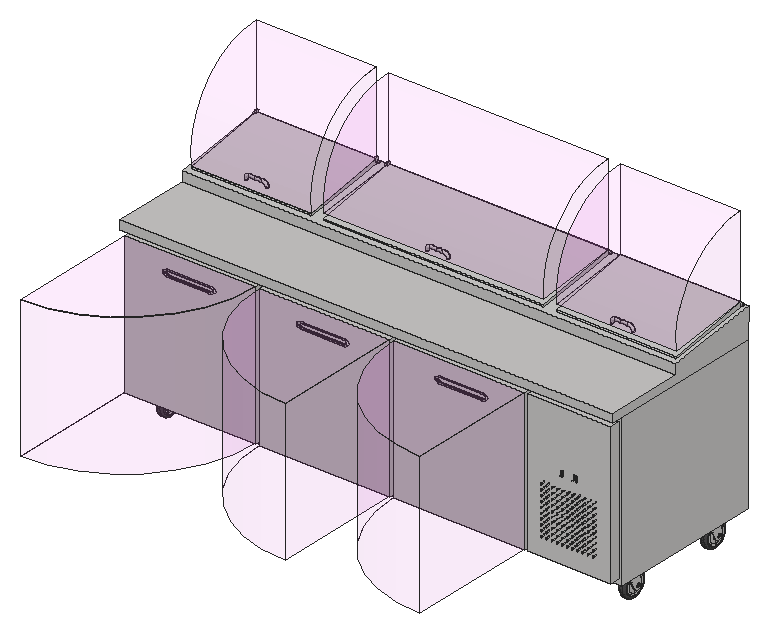
Revit family "QF_Kelvinator_738254_KCHPT92.12", category Specialty Equipment, Revit 2023
Family settings
  Round Connector Dimension = Use Diameter
  Part Type = Normal
  Work Plane-Based = No
  Enable Cutting in Views = No
  Always vertical = Yes
  Cut with Voids When Loaded = No
  Maintain Annotation Orientation = No
  Shared = No
  Room Calculation Point = No
Parameters
  Weight in Pounds = 350.535
  Weight = 210.00 lbm
  Watts = 0 W
  Volts = 115 V
  URL Manufacturer = "KELVINATOR"
  URL Cutsheet = ""
  URL = "KELVINATOR"
  Specification by User = ""
  Specification by Manufacturer = ""
  Serial Number = ""
  Seismic Rating = ""
  SMACNA No = ""
  Revision Code = ""
  Refrigerant Type = "R290"
  Phase = 1
  Number of Poles = 1
  NAFEM Spec ID Number = ""
  Model = "KCHPT92.12"
  Min Ckt Ampacity = 0 A
  Max Overcurrent Protection = 0 A
  Masterspec = ""
  Manufacturer = "Kelvinator"
  Length Actual = 2393"
  Length = 94 3/16"
  Item Number = "738254"
  Installed By = ""
  Identify Quantity as Lot = yes
  Height Actual = 1050"
  Height = 41 5/16"
  HP = "1.2 HP"
  Gas KW = 0
  Furnished By = ""
  Foodservice Equipment Identifier = yes
  FL Amps = 5.5 A
  Electrical Remarks = ""
  Electric Connection Type = ""
  Elec Conn RI Height = 0"
  Elec Conn Connection Height = 0"
  Description = "3-DOOR PIZZA PREP TABLE 94\" LONG 12-1/3 PAN "
  Depth Actual = 820"
  Depth = 32 5/16"
  Default Elevation = 0"
  Cycle = 60 Hz
  Conn Plug = "5-15P"
  Conn Conduit = yes
  CSI MasterFormat = ""
  Apparent Power = 0 VA
  Accessory = no
Reference planes (in)
  plane 1 "BACK": y = 0
  plane 2: z = 0
  plane 3 "LEFT": x = 0
  plane 4 "RIGHT": x = 94.1875
  plane 5 "FRONT": y = -32.3125
  plane 6 "TOP": z = 41.3125
  plane 7 "Center Y": x = 47.09375
  plane 8 "Center X": y = -16.15625
Dimensions and locks (in)
  equal spacing: plane 3 "LEFT", plane 7 "Center Y", plane 4 "RIGHT"
  "Length": plane 3 "LEFT" to plane 4 "RIGHT"
  equal spacing: plane 5 "FRONT", plane 8 "Center X", plane 1 "BACK"
  "Depth": plane 5 "FRONT" to plane 1 "BACK"
  "Height": plane 6 "TOP" to level
  aligned and locked: level to plane 2
Nested families (in)
  nested 1: "KCHPT" at (0, 0, 0), type "KCHPT"
    with Show Clearance yes
Connectors (in)
  electrical at (47.0875, -1.18418, 4.62235), driven by "Volts", driven by "Watts"
    settings: on nested 1, index 1, voltage 115 V, apparent load 0 VA, apparent load phase1 0 VA, apparent load phase2 0 VA, apparent load phase3 0 VA, power factor 1, load classification "Power", number of poles 1, system type 30, power factor state 1, is connector primary yes, connector utility no, sub classification motor no, connector description "Electrical Connection"
Definition of nested family "KCHPT"
  Parameters (values of type "KCHPT")
    Weight in Pounds = 0
    URL Cutsheet = ""
    Specification by User = ""
    Specification by Manufacturer = ""
    Show Clearance [instance] = yes
    Serial Number = ""
    Seismic Rating = ""
    SMACNA No = ""
    Revision Code = ""
    NAFEM Spec ID Number = ""
    Masterspec = ""
    Length = 94 3/16"
    Item Number = ""
    Installed By = ""
    Identify Quantity as Lot = yes
    Height = 41 5/16"
    Furnished By = ""
    Foodservice Equipment Identifier = yes
    Depth = 32 5/16"
    Default Elevation = 0"
    CSI MasterFormat = ""
  Reference planes (in)
    plane 1 "BACK": y = 0
    plane 2: z = 0
    plane 3 "LEFT": x = 0
    plane 4 "RIGHT": x = 94.1875
    plane 5 "FRONT": y = -32.3125
    plane 6 "TOP": z = 41.3125
    plane 7 "Center Y": x = 47.09375
    plane 8 "Center X": y = -16.15625
    plane 9: y = -17.4
    plane 10: z = 34.33333
    plane 11: z = 6.03333
    plane 12: z = 40.23333
    plane 13: z = 35.93333
    plane 14: z = 5.5
    plane 15: z = 33.58333
    plane 16: z = 6.78333
    plane 17: x = 68.09284
    plane 18: x = 70.49466
    plane 19: x = 25.99284
    plane 20: x = 52.60858
  Forms (in)
    Extrusion 1, solid
      sketch origin (0, 0, 0) x (0, 1, 0) y (0, 0, 1)
        loop
          line (0, 34.33333) -> (-30.3125, 34.33333) -> (-30.3125, 5.5) -> (0, 5.5) -> (0, 34.33333)
      from 0 to 94.1875
    Extrusion 2, solid
      sketch origin (0.375, -30.3125, 34.33333) x (0, 0, -1) y (1, 0, 0)
        loop
          line (0.95244, 77.28358) -> (27.85244, 77.28358) -> (27.85244, 93.23553) -> (0.95244, 93.23553) -> (0.95244, 77.28358)
      from 0 to 1.75
    Extrusion 3, solid
      sketch origin (0, 0, 0) x (0, 1, 0) y (0, 0, 1)
        loop
          line (0, 34.33333) -> (0, 40.23333) -> (-17.4, 37.93333) -> (-17.4, 35.93333) -> (-32.3125, 35.93333) -> (-32.3125, 34.33333) -> (0, 34.33333)
      from 0 to 94.1875
    Extrusion 4, solid
      sketch origin (0, 0, 0) x (0, 1, 0) y (0, 0, 1)
        loop
          line (-0.60032, 40.15398) -> (-0.73136, 40.92452) -> (-16.15625, 38.30126) -> (-16.65751, 37.42318) -> (-0.60032, 40.15398)
      from 25.99284 to 68.09284
    Extrusion 5, solid
      sketch origin (68.86933, 0.25217, 0) x (0, 1, 0) y (0, 0, -1)
        loop
          line (-0.97921, -40.89176) -> (-0.71073, -40.15398) -> (-1.09601, -40.08846) -> (-1.22705, -40.859)
          arc (-1.22705, -40.859) -> (-1.21835, -41.08643) -> (-1.19211, -41.3125) r 2.94324
          line (-1.19211, -41.3125) -> (-1.13256, -41.20935) -> (-0.8358, -41.24579) -> (-0.73405, -41.14405) -> (-0.8734, -41.06121) -> (-0.90687, -41.05224)
          arc (-0.90687, -41.05224) -> (-0.93228, -41.03757) -> (-0.94695, -41.01216) r 0.05668
          line (-0.94695, -41.01216) -> (-0.97921, -40.89176)
      from 0.63594 to 0.91702
    Revolve 6, solid
      sketch origin (22.03906, -0.77601, 40.03126) x (0, 0, -1) y (1, 0, 0)
        loop
          line (-0.55563, 46.1944) -> (-0.55563, 46.56896) -> (-0.70726, 46.56896) -> (-0.70726, 46.53329) -> (-0.7578, 46.53329) -> (-0.7578, 46.1944) -> (-0.55563, 46.1944)
        axis (-0.55563, 46.1944) -> (-0.55563, 46.56896)
      angle from 0 to 360
    Sweep 7, solid
      path origin (11.60551, -16.94992, 54.53737) x (0, 0.113722, -0.993513) y (1, 0, 0)
        loop
          line (15.52754, 33.4) -> (15.34004, 33.4)
          arc (15.34004, 33.4) -> (14.80971, 33.61967) -> (14.59004, 34.15) r 0.75
          line (14.59004, 34.15) -> (14.59004, 35.4) -> (14.59004, 36.65)
          arc (14.59004, 36.65) -> (14.80971, 37.18033) -> (15.34004, 37.4) r 0.75
          line (15.34004, 37.4) -> (15.52754, 37.4)
      profile origin (47.63051, -15.29071, 40.04198) x (0, -0.113722, 0.993513) y (0, -0.993513, -0.113722)
        loop
          circle (0, 0) r 0.25
    Extrusion 8, solid
      sketch origin (13.68617, -32, 12.93481) x (-1, 0, 0) y (0, 0, 1)
        loop
          line (-70.17533, 9.70772) -> (-73.32493, 9.70772) -> (-73.32493, 8.52662) -> (-70.17533, 8.52662) -> (-70.17533, 9.70772)
        loop
          line (-70.25407, 9.63107) -> (-70.64777, 9.63107) -> (-70.64777, 9.31193) -> (-70.25407, 9.31193) -> (-70.25407, 9.63107)
        loop
          line (-70.25407, 9.27674) -> (-70.64777, 9.27674) -> (-70.64777, 8.9576) -> (-70.25407, 8.9576) -> (-70.25407, 9.27674)
        loop
          line (-70.25407, 8.92241) -> (-70.64777, 8.92241) -> (-70.64777, 8.60327) -> (-70.25407, 8.60327) -> (-70.25407, 8.92241)
        loop
          line (-73.24619, 9.63107) -> (-73.24619, 9.31193) -> (-72.85249, 9.31193) -> (-72.85249, 9.63107) -> (-73.24619, 9.63107)
        loop
          line (-73.24619, 9.27674) -> (-73.24619, 8.9576) -> (-72.85249, 8.9576) -> (-72.85249, 9.27674) -> (-73.24619, 9.27674)
        loop
          line (-73.24619, 8.92241) -> (-73.24619, 8.60327) -> (-72.85249, 8.60327) -> (-72.85249, 8.92241) -> (-73.24619, 8.92241)
        loop
          line (-70.72525, 9.63107) -> (-72.77501, 9.63107) -> (-72.77501, 8.60716) -> (-70.72525, 8.60716) -> (-70.72525, 9.63107)
      from 0.07874 to -0.04602
    Extrusion 9, solid
      sketch origin (13.68617, -32.04602, 12.93481) x (1, 0, 0) y (0, 0, 1)
        loop
          line (72.85249, 9.63107) -> (72.85249, 9.31193) -> (73.24619, 9.31193) -> (73.24619, 9.63107) -> (72.85249, 9.63107)
        loop
          line (72.85249, 9.27674) -> (72.85249, 8.9576) -> (73.24619, 8.9576) -> (73.24619, 9.27674) -> (72.85249, 9.27674)
        loop
          line (72.85249, 8.92241) -> (72.85249, 8.60327) -> (73.24619, 8.60327) -> (73.24619, 8.92241) -> (72.85249, 8.92241)
        loop
          line (70.64777, 9.63107) -> (70.25407, 9.63107) -> (70.25407, 9.31193) -> (70.64777, 9.31193) -> (70.64777, 9.63107)
        loop
          line (70.64777, 9.27674) -> (70.25407, 9.27674) -> (70.25407, 8.9576) -> (70.64777, 8.9576) -> (70.64777, 9.27674)
        loop
          line (70.64777, 8.92241) -> (70.25407, 8.92241) -> (70.25407, 8.60327) -> (70.64777, 8.60327) -> (70.64777, 8.92241)
      from 0 to -0.07874
    Extrusion 10, solid
      sketch origin (13.68617, -32.04602, 12.93481) x (1, 0, 0) y (0, 0, 1)
        loop
          line (70.72525, 9.63107) -> (70.72525, 8.60716) -> (72.77501, 8.60716) -> (72.77501, 9.63107) -> (70.72525, 9.63107)
      from 0 to -0.07874
    Extrusion 11, void
      sketch origin (13.68617, -32, 12.93481) x (-1, 0, 0) y (0, 0, 1)
        loop
          line (-70.17533, 9.70772) -> (-73.32493, 9.70772) -> (-73.32493, 8.52662) -> (-70.17533, 8.52662) -> (-70.17533, 9.70772)
      from 0 to 0.07874
    Extrusion 12, void
      sketch origin (0.375, -32.0625, 34.33333) x (0, 0, 1) y (1, 0, 0)
        loop
          line (-24.3519, 79.86074) -> (-23.82157, 80.39107)
          arc (-23.82157, 80.39107) -> (-23.82157, 80.59909) -> (-24.02959, 80.59909) r 0.1471
          line (-24.02959, 80.59909) -> (-24.55992, 80.06876)
          arc (-24.55992, 80.06876) -> (-24.55992, 79.86074) -> (-24.3519, 79.86074) r 0.1471
        loop
          line (-24.3519, 80.86074) -> (-23.82157, 81.39107)
          arc (-23.82157, 81.39107) -> (-23.82157, 81.59909) -> (-24.02959, 81.59909) r 0.1471
          line (-24.02959, 81.59909) -> (-24.55992, 81.06876)
          arc (-24.55992, 81.06876) -> (-24.55992, 80.86074) -> (-24.3519, 80.86074) r 0.1471
        loop
          line (-24.3519, 81.86074) -> (-23.82157, 82.39107)
          arc (-23.82157, 82.39107) -> (-23.82157, 82.59909) -> (-24.02959, 82.59909) r 0.1471
          line (-24.02959, 82.59909) -> (-24.55992, 82.06876)
          arc (-24.55992, 82.06876) -> (-24.55992, 81.86074) -> (-24.3519, 81.86074) r 0.1471
        loop
          line (-24.3519, 82.82949) -> (-23.82157, 83.35982)
          arc (-23.82157, 83.35982) -> (-23.82157, 83.56784) -> (-24.02959, 83.56784) r 0.1471
          line (-24.02959, 83.56784) -> (-24.55992, 83.03751)
          arc (-24.55992, 83.03751) -> (-24.55992, 82.82949) -> (-24.3519, 82.82949) r 0.1471
        loop
          line (-24.3519, 83.79824) -> (-23.82157, 84.32857)
          arc (-23.82157, 84.32857) -> (-23.82157, 84.53659) -> (-24.02959, 84.53659) r 0.1471
          line (-24.02959, 84.53659) -> (-24.55992, 84.00626)
          arc (-24.55992, 84.00626) -> (-24.55992, 83.79824) -> (-24.3519, 83.79824) r 0.1471
        loop
          line (-24.3519, 84.79824) -> (-23.82157, 85.32857)
          arc (-23.82157, 85.32857) -> (-23.82157, 85.53659) -> (-24.02959, 85.53659) r 0.1471
          line (-24.02959, 85.53659) -> (-24.55992, 85.00626)
          arc (-24.55992, 85.00626) -> (-24.55992, 84.79824) -> (-24.3519, 84.79824) r 0.1471
        loop
          line (-24.3519, 85.79824) -> (-23.82157, 86.32857)
          arc (-23.82157, 86.32857) -> (-23.82157, 86.53659) -> (-24.02959, 86.53659) r 0.1471
          line (-24.02959, 86.53659) -> (-24.55992, 86.00626)
          arc (-24.55992, 86.00626) -> (-24.55992, 85.79824) -> (-24.3519, 85.79824) r 0.1471
        loop
          line (-24.3519, 86.76699) -> (-23.82157, 87.29732)
          arc (-23.82157, 87.29732) -> (-23.82157, 87.50534) -> (-24.02959, 87.50534) r 0.1471
          line (-24.02959, 87.50534) -> (-24.55992, 86.97501)
          arc (-24.55992, 86.97501) -> (-24.55992, 86.76699) -> (-24.3519, 86.76699) r 0.1471
        loop
          line (-24.3519, 87.76699) -> (-23.82157, 88.29732)
          arc (-23.82157, 88.29732) -> (-23.82157, 88.50534) -> (-24.02959, 88.50534) r 0.1471
          line (-24.02959, 88.50534) -> (-24.55992, 87.97501)
          arc (-24.55992, 87.97501) -> (-24.55992, 87.76699) -> (-24.3519, 87.76699) r 0.1471
        loop
          line (-24.3519, 88.76699) -> (-23.82157, 89.29732)
          arc (-23.82157, 89.29732) -> (-23.82157, 89.50534) -> (-24.02959, 89.50534) r 0.1471
          line (-24.02959, 89.50534) -> (-24.55992, 88.97501)
          arc (-24.55992, 88.97501) -> (-24.55992, 88.76699) -> (-24.3519, 88.76699) r 0.1471
        loop
          line (-24.3519, 89.76699) -> (-23.82157, 90.29732)
          arc (-23.82157, 90.29732) -> (-23.82157, 90.50534) -> (-24.02959, 90.50534) r 0.1471
          line (-24.02959, 90.50534) -> (-24.55992, 89.97501)
          arc (-24.55992, 89.97501) -> (-24.55992, 89.76699) -> (-24.3519, 89.76699) r 0.1471
        loop
          line (-23.3519, 79.86074) -> (-22.82157, 80.39107)
          arc (-22.82157, 80.39107) -> (-22.82157, 80.59909) -> (-23.02959, 80.59909) r 0.1471
          line (-23.02959, 80.59909) -> (-23.55992, 80.06876)
          arc (-23.55992, 80.06876) -> (-23.55992, 79.86074) -> (-23.3519, 79.86074) r 0.1471
        loop
          line (-23.3519, 80.86074) -> (-22.82157, 81.39107)
          arc (-22.82157, 81.39107) -> (-22.82157, 81.59909) -> (-23.02959, 81.59909) r 0.1471
          line (-23.02959, 81.59909) -> (-23.55992, 81.06876)
          arc (-23.55992, 81.06876) -> (-23.55992, 80.86074) -> (-23.3519, 80.86074) r 0.1471
        loop
          line (-23.3519, 81.86074) -> (-22.82157, 82.39107)
          arc (-22.82157, 82.39107) -> (-22.82157, 82.59909) -> (-23.02959, 82.59909) r 0.1471
          line (-23.02959, 82.59909) -> (-23.55992, 82.06876)
          arc (-23.55992, 82.06876) -> (-23.55992, 81.86074) -> (-23.3519, 81.86074) r 0.1471
        loop
          line (-23.3519, 82.82949) -> (-22.82157, 83.35982)
          arc (-22.82157, 83.35982) -> (-22.82157, 83.56784) -> (-23.02959, 83.56784) r 0.1471
          line (-23.02959, 83.56784) -> (-23.55992, 83.03751)
          arc (-23.55992, 83.03751) -> (-23.55992, 82.82949) -> (-23.3519, 82.82949) r 0.1471
        loop
          line (-23.3519, 83.79824) -> (-22.82157, 84.32857)
          arc (-22.82157, 84.32857) -> (-22.82157, 84.53659) -> (-23.02959, 84.53659) r 0.1471
          line (-23.02959, 84.53659) -> (-23.55992, 84.00626)
          arc (-23.55992, 84.00626) -> (-23.55992, 83.79824) -> (-23.3519, 83.79824) r 0.1471
        loop
          line (-23.3519, 84.79824) -> (-22.82157, 85.32857)
          arc (-22.82157, 85.32857) -> (-22.82157, 85.53659) -> (-23.02959, 85.53659) r 0.1471
          line (-23.02959, 85.53659) -> (-23.55992, 85.00626)
          arc (-23.55992, 85.00626) -> (-23.55992, 84.79824) -> (-23.3519, 84.79824) r 0.1471
        loop
          line (-23.3519, 85.79824) -> (-22.82157, 86.32857)
          arc (-22.82157, 86.32857) -> (-22.82157, 86.53659) -> (-23.02959, 86.53659) r 0.1471
          line (-23.02959, 86.53659) -> (-23.55992, 86.00626)
          arc (-23.55992, 86.00626) -> (-23.55992, 85.79824) -> (-23.3519, 85.79824) r 0.1471
        loop
          line (-23.3519, 86.76699) -> (-22.82157, 87.29732)
          arc (-22.82157, 87.29732) -> (-22.82157, 87.50534) -> (-23.02959, 87.50534) r 0.1471
          line (-23.02959, 87.50534) -> (-23.55992, 86.97501)
          arc (-23.55992, 86.97501) -> (-23.55992, 86.76699) -> (-23.3519, 86.76699) r 0.1471
        loop
          line (-23.3519, 87.76699) -> (-22.82157, 88.29732)
          arc (-22.82157, 88.29732) -> (-22.82157, 88.50534) -> (-23.02959, 88.50534) r 0.1471
          line (-23.02959, 88.50534) -> (-23.55992, 87.97501)
          arc (-23.55992, 87.97501) -> (-23.55992, 87.76699) -> (-23.3519, 87.76699) r 0.1471
        loop
          line (-23.3519, 88.76699) -> (-22.82157, 89.29732)
          arc (-22.82157, 89.29732) -> (-22.82157, 89.50534) -> (-23.02959, 89.50534) r 0.1471
          line (-23.02959, 89.50534) -> (-23.55992, 88.97501)
          arc (-23.55992, 88.97501) -> (-23.55992, 88.76699) -> (-23.3519, 88.76699) r 0.1471
        loop
          line (-23.3519, 89.76699) -> (-22.82157, 90.29732)
          arc (-22.82157, 90.29732) -> (-22.82157, 90.50534) -> (-23.02959, 90.50534) r 0.1471
          line (-23.02959, 90.50534) -> (-23.55992, 89.97501)
          arc (-23.55992, 89.97501) -> (-23.55992, 89.76699) -> (-23.3519, 89.76699) r 0.1471
        loop
          line (-22.3519, 79.86074) -> (-21.82157, 80.39107)
          arc (-21.82157, 80.39107) -> (-21.82157, 80.59909) -> (-22.02959, 80.59909) r 0.1471
          line (-22.02959, 80.59909) -> (-22.55992, 80.06876)
          arc (-22.55992, 80.06876) -> (-22.55992, 79.86074) -> (-22.3519, 79.86074) r 0.1471
        loop
          line (-22.3519, 80.86074) -> (-21.82157, 81.39107)
          arc (-21.82157, 81.39107) -> (-21.82157, 81.59909) -> (-22.02959, 81.59909) r 0.1471
          line (-22.02959, 81.59909) -> (-22.55992, 81.06876)
          arc (-22.55992, 81.06876) -> (-22.55992, 80.86074) -> (-22.3519, 80.86074) r 0.1471
        loop
          line (-22.3519, 81.86074) -> (-21.82157, 82.39107)
          arc (-21.82157, 82.39107) -> (-21.82157, 82.59909) -> (-22.02959, 82.59909) r 0.1471
          line (-22.02959, 82.59909) -> (-22.55992, 82.06876)
          arc (-22.55992, 82.06876) -> (-22.55992, 81.86074) -> (-22.3519, 81.86074) r 0.1471
        loop
          line (-22.3519, 82.82949) -> (-21.82157, 83.35982)
          arc (-21.82157, 83.35982) -> (-21.82157, 83.56784) -> (-22.02959, 83.56784) r 0.1471
          line (-22.02959, 83.56784) -> (-22.55992, 83.03751)
          arc (-22.55992, 83.03751) -> (-22.55992, 82.82949) -> (-22.3519, 82.82949) r 0.1471
        loop
          line (-22.3519, 83.79824) -> (-21.82157, 84.32857)
          arc (-21.82157, 84.32857) -> (-21.82157, 84.53659) -> (-22.02959, 84.53659) r 0.1471
          line (-22.02959, 84.53659) -> (-22.55992, 84.00626)
          arc (-22.55992, 84.00626) -> (-22.55992, 83.79824) -> (-22.3519, 83.79824) r 0.1471
        loop
          line (-22.3519, 84.79824) -> (-21.82157, 85.32857)
          arc (-21.82157, 85.32857) -> (-21.82157, 85.53659) -> (-22.02959, 85.53659) r 0.1471
          line (-22.02959, 85.53659) -> (-22.55992, 85.00626)
          arc (-22.55992, 85.00626) -> (-22.55992, 84.79824) -> (-22.3519, 84.79824) r 0.1471
        loop
          line (-22.3519, 85.79824) -> (-21.82157, 86.32857)
          arc (-21.82157, 86.32857) -> (-21.82157, 86.53659) -> (-22.02959, 86.53659) r 0.1471
          line (-22.02959, 86.53659) -> (-22.55992, 86.00626)
          arc (-22.55992, 86.00626) -> (-22.55992, 85.79824) -> (-22.3519, 85.79824) r 0.1471
        loop
          line (-22.3519, 86.76699) -> (-21.82157, 87.29732)
          arc (-21.82157, 87.29732) -> (-21.82157, 87.50534) -> (-22.02959, 87.50534) r 0.1471
          line (-22.02959, 87.50534) -> (-22.55992, 86.97501)
          arc (-22.55992, 86.97501) -> (-22.55992, 86.76699) -> (-22.3519, 86.76699) r 0.1471
        loop
          line (-22.3519, 87.76699) -> (-21.82157, 88.29732)
          arc (-21.82157, 88.29732) -> (-21.82157, 88.50534) -> (-22.02959, 88.50534) r 0.1471
          line (-22.02959, 88.50534) -> (-22.55992, 87.97501)
          arc (-22.55992, 87.97501) -> (-22.55992, 87.76699) -> (-22.3519, 87.76699) r 0.1471
        loop
          line (-22.3519, 88.76699) -> (-21.82157, 89.29732)
          arc (-21.82157, 89.29732) -> (-21.82157, 89.50534) -> (-22.02959, 89.50534) r 0.1471
          line (-22.02959, 89.50534) -> (-22.55992, 88.97501)
          arc (-22.55992, 88.97501) -> (-22.55992, 88.76699) -> (-22.3519, 88.76699) r 0.1471
        loop
          line (-22.3519, 89.76699) -> (-21.82157, 90.29732)
          arc (-21.82157, 90.29732) -> (-21.82157, 90.50534) -> (-22.02959, 90.50534) r 0.1471
          line (-22.02959, 90.50534) -> (-22.55992, 89.97501)
          arc (-22.55992, 89.97501) -> (-22.55992, 89.76699) -> (-22.3519, 89.76699) r 0.1471
        loop
          line (-21.3519, 79.86074) -> (-20.82157, 80.39107)
          arc (-20.82157, 80.39107) -> (-20.82157, 80.59909) -> (-21.02959, 80.59909) r 0.1471
          line (-21.02959, 80.59909) -> (-21.55992, 80.06876)
          arc (-21.55992, 80.06876) -> (-21.55992, 79.86074) -> (-21.3519, 79.86074) r 0.1471
        loop
          line (-21.3519, 80.86074) -> (-20.82157, 81.39107)
          arc (-20.82157, 81.39107) -> (-20.82157, 81.59909) -> (-21.02959, 81.59909) r 0.1471
          line (-21.02959, 81.59909) -> (-21.55992, 81.06876)
          arc (-21.55992, 81.06876) -> (-21.55992, 80.86074) -> (-21.3519, 80.86074) r 0.1471
        loop
          line (-21.3519, 81.86074) -> (-20.82157, 82.39107)
          arc (-20.82157, 82.39107) -> (-20.82157, 82.59909) -> (-21.02959, 82.59909) r 0.1471
          line (-21.02959, 82.59909) -> (-21.55992, 82.06876)
          arc (-21.55992, 82.06876) -> (-21.55992, 81.86074) -> (-21.3519, 81.86074) r 0.1471
        loop
          line (-21.3519, 82.82949) -> (-20.82157, 83.35982)
          arc (-20.82157, 83.35982) -> (-20.82157, 83.56784) -> (-21.02959, 83.56784) r 0.1471
          line (-21.02959, 83.56784) -> (-21.55992, 83.03751)
          arc (-21.55992, 83.03751) -> (-21.55992, 82.82949) -> (-21.3519, 82.82949) r 0.1471
        loop
          line (-21.3519, 83.79824) -> (-20.82157, 84.32857)
          arc (-20.82157, 84.32857) -> (-20.82157, 84.53659) -> (-21.02959, 84.53659) r 0.1471
          line (-21.02959, 84.53659) -> (-21.55992, 84.00626)
          arc (-21.55992, 84.00626) -> (-21.55992, 83.79824) -> (-21.3519, 83.79824) r 0.1471
        loop
          line (-21.3519, 84.79824) -> (-20.82157, 85.32857)
          arc (-20.82157, 85.32857) -> (-20.82157, 85.53659) -> (-21.02959, 85.53659) r 0.1471
          line (-21.02959, 85.53659) -> (-21.55992, 85.00626)
          arc (-21.55992, 85.00626) -> (-21.55992, 84.79824) -> (-21.3519, 84.79824) r 0.1471
        loop
          line (-21.3519, 85.79824) -> (-20.82157, 86.32857)
          arc (-20.82157, 86.32857) -> (-20.82157, 86.53659) -> (-21.02959, 86.53659) r 0.1471
          line (-21.02959, 86.53659) -> (-21.55992, 86.00626)
          arc (-21.55992, 86.00626) -> (-21.55992, 85.79824) -> (-21.3519, 85.79824) r 0.1471
        loop
          line (-21.3519, 86.76699) -> (-20.82157, 87.29732)
          arc (-20.82157, 87.29732) -> (-20.82157, 87.50534) -> (-21.02959, 87.50534) r 0.1471
          line (-21.02959, 87.50534) -> (-21.55992, 86.97501)
          arc (-21.55992, 86.97501) -> (-21.55992, 86.76699) -> (-21.3519, 86.76699) r 0.1471
        loop
          line (-21.3519, 87.76699) -> (-20.82157, 88.29732)
          arc (-20.82157, 88.29732) -> (-20.82157, 88.50534) -> (-21.02959, 88.50534) r 0.1471
          line (-21.02959, 88.50534) -> (-21.55992, 87.97501)
          arc (-21.55992, 87.97501) -> (-21.55992, 87.76699) -> (-21.3519, 87.76699) r 0.1471
        loop
          line (-21.3519, 88.76699) -> (-20.82157, 89.29732)
          arc (-20.82157, 89.29732) -> (-20.82157, 89.50534) -> (-21.02959, 89.50534) r 0.1471
          line (-21.02959, 89.50534) -> (-21.55992, 88.97501)
          arc (-21.55992, 88.97501) -> (-21.55992, 88.76699) -> (-21.3519, 88.76699) r 0.1471
        loop
          line (-21.3519, 89.76699) -> (-20.82157, 90.29732)
          arc (-20.82157, 90.29732) -> (-20.82157, 90.50534) -> (-21.02959, 90.50534) r 0.1471
          line (-21.02959, 90.50534) -> (-21.55992, 89.97501)
          arc (-21.55992, 89.97501) -> (-21.55992, 89.76699) -> (-21.3519, 89.76699) r 0.1471
        loop
          line (-20.3519, 79.86074) -> (-19.82157, 80.39107)
          arc (-19.82157, 80.39107) -> (-19.82157, 80.59909) -> (-20.02959, 80.59909) r 0.1471
          line (-20.02959, 80.59909) -> (-20.55992, 80.06876)
          arc (-20.55992, 80.06876) -> (-20.55992, 79.86074) -> (-20.3519, 79.86074) r 0.1471
        loop
          line (-20.3519, 80.86074) -> (-19.82157, 81.39107)
          arc (-19.82157, 81.39107) -> (-19.82157, 81.59909) -> (-20.02959, 81.59909) r 0.1471
          line (-20.02959, 81.59909) -> (-20.55992, 81.06876)
          arc (-20.55992, 81.06876) -> (-20.55992, 80.86074) -> (-20.3519, 80.86074) r 0.1471
        loop
          line (-20.3519, 81.86074) -> (-19.82157, 82.39107)
          arc (-19.82157, 82.39107) -> (-19.82157, 82.59909) -> (-20.02959, 82.59909) r 0.1471
          line (-20.02959, 82.59909) -> (-20.55992, 82.06876)
          arc (-20.55992, 82.06876) -> (-20.55992, 81.86074) -> (-20.3519, 81.86074) r 0.1471
        loop
          line (-20.3519, 82.82949) -> (-19.82157, 83.35982)
          arc (-19.82157, 83.35982) -> (-19.82157, 83.56784) -> (-20.02959, 83.56784) r 0.1471
          line (-20.02959, 83.56784) -> (-20.55992, 83.03751)
          arc (-20.55992, 83.03751) -> (-20.55992, 82.82949) -> (-20.3519, 82.82949) r 0.1471
        loop
          line (-20.3519, 83.79824) -> (-19.82157, 84.32857)
          arc (-19.82157, 84.32857) -> (-19.82157, 84.53659) -> (-20.02959, 84.53659) r 0.1471
          line (-20.02959, 84.53659) -> (-20.55992, 84.00626)
          arc (-20.55992, 84.00626) -> (-20.55992, 83.79824) -> (-20.3519, 83.79824) r 0.1471
        loop
          line (-20.3519, 84.79824) -> (-19.82157, 85.32857)
          arc (-19.82157, 85.32857) -> (-19.82157, 85.53659) -> (-20.02959, 85.53659) r 0.1471
          line (-20.02959, 85.53659) -> (-20.55992, 85.00626)
          arc (-20.55992, 85.00626) -> (-20.55992, 84.79824) -> (-20.3519, 84.79824) r 0.1471
        loop
          line (-20.3519, 85.79824) -> (-19.82157, 86.32857)
          arc (-19.82157, 86.32857) -> (-19.82157, 86.53659) -> (-20.02959, 86.53659) r 0.1471
          line (-20.02959, 86.53659) -> (-20.55992, 86.00626)
          arc (-20.55992, 86.00626) -> (-20.55992, 85.79824) -> (-20.3519, 85.79824) r 0.1471
        loop
          line (-20.3519, 86.76699) -> (-19.82157, 87.29732)
          arc (-19.82157, 87.29732) -> (-19.82157, 87.50534) -> (-20.02959, 87.50534) r 0.1471
          line (-20.02959, 87.50534) -> (-20.55992, 86.97501)
          arc (-20.55992, 86.97501) -> (-20.55992, 86.76699) -> (-20.3519, 86.76699) r 0.1471
        loop
          line (-20.3519, 87.76699) -> (-19.82157, 88.29732)
          arc (-19.82157, 88.29732) -> (-19.82157, 88.50534) -> (-20.02959, 88.50534) r 0.1471
          line (-20.02959, 88.50534) -> (-20.55992, 87.97501)
          arc (-20.55992, 87.97501) -> (-20.55992, 87.76699) -> (-20.3519, 87.76699) r 0.1471
        loop
          line (-20.3519, 88.76699) -> (-19.82157, 89.29732)
          arc (-19.82157, 89.29732) -> (-19.82157, 89.50534) -> (-20.02959, 89.50534) r 0.1471
          line (-20.02959, 89.50534) -> (-20.55992, 88.97501)
          arc (-20.55992, 88.97501) -> (-20.55992, 88.76699) -> (-20.3519, 88.76699) r 0.1471
        loop
          line (-20.3519, 89.76699) -> (-19.82157, 90.29732)
          arc (-19.82157, 90.29732) -> (-19.82157, 90.50534) -> (-20.02959, 90.50534) r 0.1471
          line (-20.02959, 90.50534) -> (-20.55992, 89.97501)
          arc (-20.55992, 89.97501) -> (-20.55992, 89.76699) -> (-20.3519, 89.76699) r 0.1471
        loop
          line (-19.3519, 79.86074) -> (-18.82157, 80.39107)
          arc (-18.82157, 80.39107) -> (-18.82157, 80.59909) -> (-19.02959, 80.59909) r 0.1471
          line (-19.02959, 80.59909) -> (-19.55992, 80.06876)
          arc (-19.55992, 80.06876) -> (-19.55992, 79.86074) -> (-19.3519, 79.86074) r 0.1471
        loop
          line (-19.3519, 80.86074) -> (-18.82157, 81.39107)
          arc (-18.82157, 81.39107) -> (-18.82157, 81.59909) -> (-19.02959, 81.59909) r 0.1471
          line (-19.02959, 81.59909) -> (-19.55992, 81.06876)
          arc (-19.55992, 81.06876) -> (-19.55992, 80.86074) -> (-19.3519, 80.86074) r 0.1471
        loop
          line (-19.3519, 81.86074) -> (-18.82157, 82.39107)
          arc (-18.82157, 82.39107) -> (-18.82157, 82.59909) -> (-19.02959, 82.59909) r 0.1471
          line (-19.02959, 82.59909) -> (-19.55992, 82.06876)
          arc (-19.55992, 82.06876) -> (-19.55992, 81.86074) -> (-19.3519, 81.86074) r 0.1471
        loop
          line (-19.3519, 82.82949) -> (-18.82157, 83.35982)
          arc (-18.82157, 83.35982) -> (-18.82157, 83.56784) -> (-19.02959, 83.56784) r 0.1471
          line (-19.02959, 83.56784) -> (-19.55992, 83.03751)
          arc (-19.55992, 83.03751) -> (-19.55992, 82.82949) -> (-19.3519, 82.82949) r 0.1471
        loop
          line (-19.3519, 83.79824) -> (-18.82157, 84.32857)
          arc (-18.82157, 84.32857) -> (-18.82157, 84.53659) -> (-19.02959, 84.53659) r 0.1471
          line (-19.02959, 84.53659) -> (-19.55992, 84.00626)
          arc (-19.55992, 84.00626) -> (-19.55992, 83.79824) -> (-19.3519, 83.79824) r 0.1471
        loop
          line (-19.3519, 84.79824) -> (-18.82157, 85.32857)
          arc (-18.82157, 85.32857) -> (-18.82157, 85.53659) -> (-19.02959, 85.53659) r 0.1471
          line (-19.02959, 85.53659) -> (-19.55992, 85.00626)
          arc (-19.55992, 85.00626) -> (-19.55992, 84.79824) -> (-19.3519, 84.79824) r 0.1471
        loop
          line (-19.3519, 85.79824) -> (-18.82157, 86.32857)
          arc (-18.82157, 86.32857) -> (-18.82157, 86.53659) -> (-19.02959, 86.53659) r 0.1471
          line (-19.02959, 86.53659) -> (-19.55992, 86.00626)
          arc (-19.55992, 86.00626) -> (-19.55992, 85.79824) -> (-19.3519, 85.79824) r 0.1471
        loop
          line (-19.3519, 86.76699) -> (-18.82157, 87.29732)
          arc (-18.82157, 87.29732) -> (-18.82157, 87.50534) -> (-19.02959, 87.50534) r 0.1471
          line (-19.02959, 87.50534) -> (-19.55992, 86.97501)
          arc (-19.55992, 86.97501) -> (-19.55992, 86.76699) -> (-19.3519, 86.76699) r 0.1471
        loop
          line (-19.3519, 87.76699) -> (-18.82157, 88.29732)
          arc (-18.82157, 88.29732) -> (-18.82157, 88.50534) -> (-19.02959, 88.50534) r 0.1471
          line (-19.02959, 88.50534) -> (-19.55992, 87.97501)
          arc (-19.55992, 87.97501) -> (-19.55992, 87.76699) -> (-19.3519, 87.76699) r 0.1471
        loop
          line (-19.3519, 88.76699) -> (-18.82157, 89.29732)
          arc (-18.82157, 89.29732) -> (-18.82157, 89.50534) -> (-19.02959, 89.50534) r 0.1471
          line (-19.02959, 89.50534) -> (-19.55992, 88.97501)
          arc (-19.55992, 88.97501) -> (-19.55992, 88.76699) -> (-19.3519, 88.76699) r 0.1471
        loop
          line (-19.3519, 89.76699) -> (-18.82157, 90.29732)
          arc (-18.82157, 90.29732) -> (-18.82157, 90.50534) -> (-19.02959, 90.50534) r 0.1471
          line (-19.02959, 90.50534) -> (-19.55992, 89.97501)
          arc (-19.55992, 89.97501) -> (-19.55992, 89.76699) -> (-19.3519, 89.76699) r 0.1471
        loop
          line (-18.3519, 79.86074) -> (-17.82157, 80.39107)
          arc (-17.82157, 80.39107) -> (-17.82157, 80.59909) -> (-18.02959, 80.59909) r 0.1471
          line (-18.02959, 80.59909) -> (-18.55992, 80.06876)
          arc (-18.55992, 80.06876) -> (-18.55992, 79.86074) -> (-18.3519, 79.86074) r 0.1471
        loop
          line (-18.3519, 80.86074) -> (-17.82157, 81.39107)
          arc (-17.82157, 81.39107) -> (-17.82157, 81.59909) -> (-18.02959, 81.59909) r 0.1471
          line (-18.02959, 81.59909) -> (-18.55992, 81.06876)
          arc (-18.55992, 81.06876) -> (-18.55992, 80.86074) -> (-18.3519, 80.86074) r 0.1471
        loop
          line (-18.3519, 81.86074) -> (-17.82157, 82.39107)
          arc (-17.82157, 82.39107) -> (-17.82157, 82.59909) -> (-18.02959, 82.59909) r 0.1471
          line (-18.02959, 82.59909) -> (-18.55992, 82.06876)
          arc (-18.55992, 82.06876) -> (-18.55992, 81.86074) -> (-18.3519, 81.86074) r 0.1471
        loop
          line (-18.3519, 82.82949) -> (-17.82157, 83.35982)
          arc (-17.82157, 83.35982) -> (-17.82157, 83.56784) -> (-18.02959, 83.56784) r 0.1471
          line (-18.02959, 83.56784) -> (-18.55992, 83.03751)
          arc (-18.55992, 83.03751) -> (-18.55992, 82.82949) -> (-18.3519, 82.82949) r 0.1471
        loop
          line (-18.3519, 83.79824) -> (-17.82157, 84.32857)
          arc (-17.82157, 84.32857) -> (-17.82157, 84.53659) -> (-18.02959, 84.53659) r 0.1471
          line (-18.02959, 84.53659) -> (-18.55992, 84.00626)
          arc (-18.55992, 84.00626) -> (-18.55992, 83.79824) -> (-18.3519, 83.79824) r 0.1471
        loop
          line (-18.3519, 84.79824) -> (-17.82157, 85.32857)
          arc (-17.82157, 85.32857) -> (-17.82157, 85.53659) -> (-18.02959, 85.53659) r 0.1471
          line (-18.02959, 85.53659) -> (-18.55992, 85.00626)
          arc (-18.55992, 85.00626) -> (-18.55992, 84.79824) -> (-18.3519, 84.79824) r 0.1471
        loop
          line (-18.3519, 85.79824) -> (-17.82157, 86.32857)
          arc (-17.82157, 86.32857) -> (-17.82157, 86.53659) -> (-18.02959, 86.53659) r 0.1471
          line (-18.02959, 86.53659) -> (-18.55992, 86.00626)
          arc (-18.55992, 86.00626) -> (-18.55992, 85.79824) -> (-18.3519, 85.79824) r 0.1471
        loop
          line (-18.3519, 86.76699) -> (-17.82157, 87.29732)
          arc (-17.82157, 87.29732) -> (-17.82157, 87.50534) -> (-18.02959, 87.50534) r 0.1471
          line (-18.02959, 87.50534) -> (-18.55992, 86.97501)
          arc (-18.55992, 86.97501) -> (-18.55992, 86.76699) -> (-18.3519, 86.76699) r 0.1471
        loop
          line (-18.3519, 87.76699) -> (-17.82157, 88.29732)
          arc (-17.82157, 88.29732) -> (-17.82157, 88.50534) -> (-18.02959, 88.50534) r 0.1471
          line (-18.02959, 88.50534) -> (-18.55992, 87.97501)
          arc (-18.55992, 87.97501) -> (-18.55992, 87.76699) -> (-18.3519, 87.76699) r 0.1471
        loop
          line (-18.3519, 88.76699) -> (-17.82157, 89.29732)
          arc (-17.82157, 89.29732) -> (-17.82157, 89.50534) -> (-18.02959, 89.50534) r 0.1471
          line (-18.02959, 89.50534) -> (-18.55992, 88.97501)
          arc (-18.55992, 88.97501) -> (-18.55992, 88.76699) -> (-18.3519, 88.76699) r 0.1471
        loop
          line (-18.3519, 89.76699) -> (-17.82157, 90.29732)
          arc (-17.82157, 90.29732) -> (-17.82157, 90.50534) -> (-18.02959, 90.50534) r 0.1471
          line (-18.02959, 90.50534) -> (-18.55992, 89.97501)
          arc (-18.55992, 89.97501) -> (-18.55992, 89.76699) -> (-18.3519, 89.76699) r 0.1471
        loop
          line (-17.3519, 79.86074) -> (-16.82157, 80.39107)
          arc (-16.82157, 80.39107) -> (-16.82157, 80.59909) -> (-17.02959, 80.59909) r 0.1471
          line (-17.02959, 80.59909) -> (-17.55992, 80.06876)
          arc (-17.55992, 80.06876) -> (-17.55992, 79.86074) -> (-17.3519, 79.86074) r 0.1471
        loop
          line (-17.3519, 80.86074) -> (-16.82157, 81.39107)
          arc (-16.82157, 81.39107) -> (-16.82157, 81.59909) -> (-17.02959, 81.59909) r 0.1471
          line (-17.02959, 81.59909) -> (-17.55992, 81.06876)
          arc (-17.55992, 81.06876) -> (-17.55992, 80.86074) -> (-17.3519, 80.86074) r 0.1471
        loop
          line (-17.3519, 81.86074) -> (-16.82157, 82.39107)
          arc (-16.82157, 82.39107) -> (-16.82157, 82.59909) -> (-17.02959, 82.59909) r 0.1471
          line (-17.02959, 82.59909) -> (-17.55992, 82.06876)
          arc (-17.55992, 82.06876) -> (-17.55992, 81.86074) -> (-17.3519, 81.86074) r 0.1471
        loop
          line (-17.3519, 82.82949) -> (-16.82157, 83.35982)
          arc (-16.82157, 83.35982) -> (-16.82157, 83.56784) -> (-17.02959, 83.56784) r 0.1471
          line (-17.02959, 83.56784) -> (-17.55992, 83.03751)
          arc (-17.55992, 83.03751) -> (-17.55992, 82.82949) -> (-17.3519, 82.82949) r 0.1471
        loop
          line (-17.3519, 83.79824) -> (-16.82157, 84.32857)
          arc (-16.82157, 84.32857) -> (-16.82157, 84.53659) -> (-17.02959, 84.53659) r 0.1471
          line (-17.02959, 84.53659) -> (-17.55992, 84.00626)
          arc (-17.55992, 84.00626) -> (-17.55992, 83.79824) -> (-17.3519, 83.79824) r 0.1471
        loop
          line (-17.3519, 84.79824) -> (-16.82157, 85.32857)
          arc (-16.82157, 85.32857) -> (-16.82157, 85.53659) -> (-17.02959, 85.53659) r 0.1471
          line (-17.02959, 85.53659) -> (-17.55992, 85.00626)
          arc (-17.55992, 85.00626) -> (-17.55992, 84.79824) -> (-17.3519, 84.79824) r 0.1471
        loop
          line (-17.3519, 85.79824) -> (-16.82157, 86.32857)
          arc (-16.82157, 86.32857) -> (-16.82157, 86.53659) -> (-17.02959, 86.53659) r 0.1471
          line (-17.02959, 86.53659) -> (-17.55992, 86.00626)
          arc (-17.55992, 86.00626) -> (-17.55992, 85.79824) -> (-17.3519, 85.79824) r 0.1471
        loop
          line (-17.3519, 86.76699) -> (-16.82157, 87.29732)
          arc (-16.82157, 87.29732) -> (-16.82157, 87.50534) -> (-17.02959, 87.50534) r 0.1471
          line (-17.02959, 87.50534) -> (-17.55992, 86.97501)
          arc (-17.55992, 86.97501) -> (-17.55992, 86.76699) -> (-17.3519, 86.76699) r 0.1471
        loop
          line (-17.3519, 87.76699) -> (-16.82157, 88.29732)
          arc (-16.82157, 88.29732) -> (-16.82157, 88.50534) -> (-17.02959, 88.50534) r 0.1471
          line (-17.02959, 88.50534) -> (-17.55992, 87.97501)
          arc (-17.55992, 87.97501) -> (-17.55992, 87.76699) -> (-17.3519, 87.76699) r 0.1471
        loop
          line (-17.3519, 88.76699) -> (-16.82157, 89.29732)
          arc (-16.82157, 89.29732) -> (-16.82157, 89.50534) -> (-17.02959, 89.50534) r 0.1471
          line (-17.02959, 89.50534) -> (-17.55992, 88.97501)
          arc (-17.55992, 88.97501) -> (-17.55992, 88.76699) -> (-17.3519, 88.76699) r 0.1471
        loop
          line (-17.3519, 89.76699) -> (-16.82157, 90.29732)
          arc (-16.82157, 90.29732) -> (-16.82157, 90.50534) -> (-17.02959, 90.50534) r 0.1471
          line (-17.02959, 90.50534) -> (-17.55992, 89.97501)
          arc (-17.55992, 89.97501) -> (-17.55992, 89.76699) -> (-17.3519, 89.76699) r 0.1471
        loop
          line (-16.3519, 79.86074) -> (-15.82157, 80.39107)
          arc (-15.82157, 80.39107) -> (-15.82157, 80.59909) -> (-16.02959, 80.59909) r 0.1471
          line (-16.02959, 80.59909) -> (-16.55992, 80.06876)
          arc (-16.55992, 80.06876) -> (-16.55992, 79.86074) -> (-16.3519, 79.86074) r 0.1471
        loop
          line (-16.3519, 80.86074) -> (-15.82157, 81.39107)
          arc (-15.82157, 81.39107) -> (-15.82157, 81.59909) -> (-16.02959, 81.59909) r 0.1471
          line (-16.02959, 81.59909) -> (-16.55992, 81.06876)
          arc (-16.55992, 81.06876) -> (-16.55992, 80.86074) -> (-16.3519, 80.86074) r 0.1471
        loop
          line (-16.3519, 81.86074) -> (-15.82157, 82.39107)
          arc (-15.82157, 82.39107) -> (-15.82157, 82.59909) -> (-16.02959, 82.59909) r 0.1471
          line (-16.02959, 82.59909) -> (-16.55992, 82.06876)
          arc (-16.55992, 82.06876) -> (-16.55992, 81.86074) -> (-16.3519, 81.86074) r 0.1471
        loop
          line (-16.3519, 82.82949) -> (-15.82157, 83.35982)
          arc (-15.82157, 83.35982) -> (-15.82157, 83.56784) -> (-16.02959, 83.56784) r 0.1471
          line (-16.02959, 83.56784) -> (-16.55992, 83.03751)
          arc (-16.55992, 83.03751) -> (-16.55992, 82.82949) -> (-16.3519, 82.82949) r 0.1471
        loop
          line (-16.3519, 83.79824) -> (-15.82157, 84.32857)
          arc (-15.82157, 84.32857) -> (-15.82157, 84.53659) -> (-16.02959, 84.53659) r 0.1471
          line (-16.02959, 84.53659) -> (-16.55992, 84.00626)
          arc (-16.55992, 84.00626) -> (-16.55992, 83.79824) -> (-16.3519, 83.79824) r 0.1471
        loop
          line (-16.3519, 84.79824) -> (-15.82157, 85.32857)
          arc (-15.82157, 85.32857) -> (-15.82157, 85.53659) -> (-16.02959, 85.53659) r 0.1471
          line (-16.02959, 85.53659) -> (-16.55992, 85.00626)
          arc (-16.55992, 85.00626) -> (-16.55992, 84.79824) -> (-16.3519, 84.79824) r 0.1471
        loop
          line (-16.3519, 85.79824) -> (-15.82157, 86.32857)
          arc (-15.82157, 86.32857) -> (-15.82157, 86.53659) -> (-16.02959, 86.53659) r 0.1471
          line (-16.02959, 86.53659) -> (-16.55992, 86.00626)
          arc (-16.55992, 86.00626) -> (-16.55992, 85.79824) -> (-16.3519, 85.79824) r 0.1471
        loop
          line (-16.3519, 86.76699) -> (-15.82157, 87.29732)
          arc (-15.82157, 87.29732) -> (-15.82157, 87.50534) -> (-16.02959, 87.50534) r 0.1471
          line (-16.02959, 87.50534) -> (-16.55992, 86.97501)
          arc (-16.55992, 86.97501) -> (-16.55992, 86.76699) -> (-16.3519, 86.76699) r 0.1471
        loop
          line (-16.3519, 87.76699) -> (-15.82157, 88.29732)
          arc (-15.82157, 88.29732) -> (-15.82157, 88.50534) -> (-16.02959, 88.50534) r 0.1471
          line (-16.02959, 88.50534) -> (-16.55992, 87.97501)
          arc (-16.55992, 87.97501) -> (-16.55992, 87.76699) -> (-16.3519, 87.76699) r 0.1471
        loop
          line (-16.3519, 88.76699) -> (-15.82157, 89.29732)
          arc (-15.82157, 89.29732) -> (-15.82157, 89.50534) -> (-16.02959, 89.50534) r 0.1471
          line (-16.02959, 89.50534) -> (-16.55992, 88.97501)
          arc (-16.55992, 88.97501) -> (-16.55992, 88.76699) -> (-16.3519, 88.76699) r 0.1471
        loop
          line (-16.3519, 89.76699) -> (-15.82157, 90.29732)
          arc (-15.82157, 90.29732) -> (-15.82157, 90.50534) -> (-16.02959, 90.50534) r 0.1471
          line (-16.02959, 90.50534) -> (-16.55992, 89.97501)
          arc (-16.55992, 89.97501) -> (-16.55992, 89.76699) -> (-16.3519, 89.76699) r 0.1471
        loop
          line (-15.3519, 79.86074) -> (-14.82157, 80.39107)
          arc (-14.82157, 80.39107) -> (-14.82157, 80.59909) -> (-15.02959, 80.59909) r 0.1471
          line (-15.02959, 80.59909) -> (-15.55992, 80.06876)
          arc (-15.55992, 80.06876) -> (-15.55992, 79.86074) -> (-15.3519, 79.86074) r 0.1471
        loop
          line (-15.3519, 80.86074) -> (-14.82157, 81.39107)
          arc (-14.82157, 81.39107) -> (-14.82157, 81.59909) -> (-15.02959, 81.59909) r 0.1471
          line (-15.02959, 81.59909) -> (-15.55992, 81.06876)
          arc (-15.55992, 81.06876) -> (-15.55992, 80.86074) -> (-15.3519, 80.86074) r 0.1471
        loop
          line (-15.3519, 81.86074) -> (-14.82157, 82.39107)
          arc (-14.82157, 82.39107) -> (-14.82157, 82.59909) -> (-15.02959, 82.59909) r 0.1471
          line (-15.02959, 82.59909) -> (-15.55992, 82.06876)
          arc (-15.55992, 82.06876) -> (-15.55992, 81.86074) -> (-15.3519, 81.86074) r 0.1471
        loop
          line (-15.3519, 82.82949) -> (-14.82157, 83.35982)
          arc (-14.82157, 83.35982) -> (-14.82157, 83.56784) -> (-15.02959, 83.56784) r 0.1471
          line (-15.02959, 83.56784) -> (-15.55992, 83.03751)
          arc (-15.55992, 83.03751) -> (-15.55992, 82.82949) -> (-15.3519, 82.82949) r 0.1471
        loop
          line (-15.3519, 83.79824) -> (-14.82157, 84.32857)
          arc (-14.82157, 84.32857) -> (-14.82157, 84.53659) -> (-15.02959, 84.53659) r 0.1471
          line (-15.02959, 84.53659) -> (-15.55992, 84.00626)
          arc (-15.55992, 84.00626) -> (-15.55992, 83.79824) -> (-15.3519, 83.79824) r 0.1471
        loop
          line (-15.3519, 84.79824) -> (-14.82157, 85.32857)
          arc (-14.82157, 85.32857) -> (-14.82157, 85.53659) -> (-15.02959, 85.53659) r 0.1471
          line (-15.02959, 85.53659) -> (-15.55992, 85.00626)
          arc (-15.55992, 85.00626) -> (-15.55992, 84.79824) -> (-15.3519, 84.79824) r 0.1471
        loop
          line (-15.3519, 85.79824) -> (-14.82157, 86.32857)
          arc (-14.82157, 86.32857) -> (-14.82157, 86.53659) -> (-15.02959, 86.53659) r 0.1471
          line (-15.02959, 86.53659) -> (-15.55992, 86.00626)
          arc (-15.55992, 86.00626) -> (-15.55992, 85.79824) -> (-15.3519, 85.79824) r 0.1471
        loop
          line (-15.3519, 86.76699) -> (-14.82157, 87.29732)
          arc (-14.82157, 87.29732) -> (-14.82157, 87.50534) -> (-15.02959, 87.50534) r 0.1471
          line (-15.02959, 87.50534) -> (-15.55992, 86.97501)
          arc (-15.55992, 86.97501) -> (-15.55992, 86.76699) -> (-15.3519, 86.76699) r 0.1471
        loop
          line (-15.3519, 87.76699) -> (-14.82157, 88.29732)
          arc (-14.82157, 88.29732) -> (-14.82157, 88.50534) -> (-15.02959, 88.50534) r 0.1471
          line (-15.02959, 88.50534) -> (-15.55992, 87.97501)
          arc (-15.55992, 87.97501) -> (-15.55992, 87.76699) -> (-15.3519, 87.76699) r 0.1471
        loop
          line (-15.3519, 88.76699) -> (-14.82157, 89.29732)
          arc (-14.82157, 89.29732) -> (-14.82157, 89.50534) -> (-15.02959, 89.50534) r 0.1471
          line (-15.02959, 89.50534) -> (-15.55992, 88.97501)
          arc (-15.55992, 88.97501) -> (-15.55992, 88.76699) -> (-15.3519, 88.76699) r 0.1471
        loop
          line (-15.3519, 89.76699) -> (-14.82157, 90.29732)
          arc (-14.82157, 90.29732) -> (-14.82157, 90.50534) -> (-15.02959, 90.50534) r 0.1471
          line (-15.02959, 90.50534) -> (-15.55992, 89.97501)
          arc (-15.55992, 89.97501) -> (-15.55992, 89.76699) -> (-15.3519, 89.76699) r 0.1471
      from 0 to 0.03
    Extrusion 13, solid
      sketch origin (-23.4125, 0, 5.5) x (-1, 0, 0) y (0, 1, 0)
        loop
          circle (-70.5, -1.18418) r 0.25
      from 0 to 0.87765
    Extrusion 14, solid
      sketch origin (91.8125, 0, 0) x (0, 1, 0) y (0, 0, -1)
        loop
          line (-0.60032, -40.15398) -> (-16.65751, -37.42318) -> (-16.15625, -38.30126) -> (-0.73136, -40.92452) -> (-0.60032, -40.15398)
      from -1.58216 to 21.31784
    Extrusion 15, solid
      sketch origin (94.17114, 0.25217, 0) x (0, 1, 0) y (0, 0, -1)
        loop
          line (-0.97921, -40.89176) -> (-0.71073, -40.15398) -> (-1.09601, -40.08846) -> (-1.22705, -40.859)
          arc (-1.22705, -40.859) -> (-1.21835, -41.08643) -> (-1.19211, -41.3125) r 2.94324
          line (-1.19211, -41.3125) -> (-1.13256, -41.20935) -> (-0.8358, -41.24579) -> (-0.73405, -41.14405) -> (-0.8734, -41.06121) -> (-0.90687, -41.05224)
          arc (-0.90687, -41.05224) -> (-0.93228, -41.03757) -> (-0.94695, -41.01216) r 0.05668
          line (-0.94695, -41.01216) -> (-0.97921, -40.89176)
      from 0.63594 to 0.91702
    Extrusion 16, solid
      sketch origin (69.71817, 0.25217, 0) x (0, 1, 0) y (0, 0, 1)
        loop
          line (-0.97921, 40.89176) -> (-0.94695, 41.01216)
          arc (-0.94695, 41.01216) -> (-0.93228, 41.03757) -> (-0.90687, 41.05224) r 0.05668
          line (-0.90687, 41.05224) -> (-0.8734, 41.06121) -> (-0.73405, 41.14405) -> (-0.8358, 41.24579) -> (-1.13256, 41.20935) -> (-1.19211, 41.3125)
          arc (-1.19211, 41.3125) -> (-1.21835, 41.08643) -> (-1.22705, 40.859) r 2.94324
          line (-1.22705, 40.859) -> (-1.09601, 40.08846) -> (-0.71073, 40.15398) -> (-0.97921, 40.89176)
      from 0.63594 to 0.91702
    Revolve 17, solid
      sketch origin (70.78364, -0.77601, 40.03126) x (0, 0, -1) y (1, 0, 0)
        loop
          line (-0.55563, 22.75156) -> (-0.55563, 23.11896) -> (-0.70726, 23.11896) -> (-0.70726, 23.08329) -> (-0.7578, 23.08329) -> (-0.7578, 22.75156) -> (-0.55563, 22.75156)
        axis (-0.55563, 22.75156) -> (-0.55563, 23.11896)
      angle from 0 to 360
    Revolve 18, solid
      sketch origin (69.77344, -0.77601, 40.03126) x (0, 0, -1) y (1, 0, 0)
        loop
          line (-0.55563, 0.58594) -> (-0.7578, 0.58594) -> (-0.7578, 0.24171) -> (-0.70726, 0.24171) -> (-0.70726, 0.20604) -> (-0.55563, 0.20604) -> (-0.55563, 0.58594)
        axis (-0.55563, 0.58594) -> (-0.55563, 0.20604)
      angle from 0 to 360
    Sweep 19, solid
      path origin (93.86393, -16.94992, 54.53737) x (0, 0.113722, -0.993513) y (1, 0, 0)
        loop
          line (15.52754, -9.51875) -> (15.34004, -9.51875)
          arc (15.34004, -9.51875) -> (14.80971, -9.73842) -> (14.59004, -10.26875) r 0.75
          line (14.59004, -10.26875) -> (14.59004, -11.51875) -> (14.59004, -12.76875)
          arc (14.59004, -12.76875) -> (14.80971, -13.29908) -> (15.34004, -13.51875) r 0.75
          line (15.34004, -13.51875) -> (15.52754, -13.51875)
      profile origin (81.72018, -15.29071, 40.04198) x (0, 0.113722, -0.993513) y (0, -0.993513, -0.113722)
        loop
          circle (0, 0) r 0.25
    Extrusion 20, solid
      sketch origin (25.21636, 0.25217, 0) x (0, 1, 0) y (0, 0, 1)
        loop
          line (-0.97921, 40.89176) -> (-0.94695, 41.01216)
          arc (-0.94695, 41.01216) -> (-0.93228, 41.03757) -> (-0.90687, 41.05224) r 0.05668
          line (-0.90687, 41.05224) -> (-0.8734, 41.06121) -> (-0.73405, 41.14405) -> (-0.8358, 41.24579) -> (-1.13256, 41.20935) -> (-1.19211, 41.3125)
          arc (-1.19211, 41.3125) -> (-1.21835, 41.08643) -> (-1.22705, 40.859) r 2.94324
          line (-1.22705, 40.859) -> (-1.09601, 40.08846) -> (-0.71073, 40.15398) -> (-0.97921, 40.89176)
      from 0.63594 to 0.91702
    Revolve 21, solid
      sketch origin (72.04662, -0.77601, 40.03126) x (0, 0, -1) y (1, 0, 0)
        loop
          line (-0.55563, -46.19432) -> (-0.7578, -46.19432) -> (-0.7578, -46.53329) -> (-0.70726, -46.53329) -> (-0.70726, -46.56896) -> (-0.55563, -46.56896) -> (-0.55563, -46.19432)
        axis (-0.55563, -46.19432) -> (-0.55563, -46.56896)
      angle from 0 to 360
    Extrusion 22, solid
      sketch origin (2.3875, 0, 0) x (0, 1, 0) y (0, 0, 1)
        loop
          line (-0.60032, 40.15398) -> (-0.73136, 40.92452) -> (-16.15625, 38.30126) -> (-16.65751, 37.42318) -> (-0.60032, 40.15398)
      from -1.58216 to 21.31784
    Extrusion 23, solid
      sketch origin (0.02886, 0.25217, 0) x (0, 1, 0) y (0, 0, 1)
        loop
          line (-0.97921, 40.89176) -> (-0.94695, 41.01216)
          arc (-0.94695, 41.01216) -> (-0.93228, 41.03757) -> (-0.90687, 41.05224) r 0.05668
          line (-0.90687, 41.05224) -> (-0.8734, 41.06121) -> (-0.73405, 41.14405) -> (-0.8358, 41.24579) -> (-1.13256, 41.20935) -> (-1.19211, 41.3125)
          arc (-1.19211, 41.3125) -> (-1.21835, 41.08643) -> (-1.22705, 40.859) r 2.94324
          line (-1.22705, 40.859) -> (-1.09601, 40.08846) -> (-0.71073, 40.15398) -> (-0.97921, 40.89176)
      from 0.63594 to 0.91702
    Extrusion 24, solid
      sketch origin (24.48183, 0.25217, 0) x (0, 1, 0) y (0, 0, -1)
        loop
          line (-0.97921, -40.89176) -> (-0.71073, -40.15398) -> (-1.09601, -40.08846) -> (-1.22705, -40.859)
          arc (-1.22705, -40.859) -> (-1.21835, -41.08643) -> (-1.19211, -41.3125) r 2.94324
          line (-1.19211, -41.3125) -> (-1.13256, -41.20935) -> (-0.8358, -41.24579) -> (-0.73405, -41.14405) -> (-0.8734, -41.06121) -> (-0.90687, -41.05224)
          arc (-0.90687, -41.05224) -> (-0.93228, -41.03757) -> (-0.94695, -41.01216) r 0.05668
          line (-0.94695, -41.01216) -> (-0.97921, -40.89176)
      from 0.63594 to 0.91702
    Revolve 25, solid
      sketch origin (23.41636, -0.77601, 40.03126) x (0, 0, -1) y (1, 0, 0)
        loop
          line (-0.55563, -22.75156) -> (-0.7578, -22.75156) -> (-0.7578, -23.09579) -> (-0.70726, -23.09579) -> (-0.70726, -23.13146) -> (-0.55563, -23.13146) -> (-0.55563, -22.75156)
        axis (-0.55563, -22.75156) -> (-0.55563, -23.13146)
      angle from 0 to 360
    Revolve 26, solid
      sketch origin (24.42656, -0.77601, 40.03126) x (0, 0, -1) y (1, 0, 0)
        loop
          line (-0.55563, -0.57989) -> (-0.55563, -0.20604) -> (-0.70726, -0.20604) -> (-0.70726, -0.24171) -> (-0.7578, -0.24171) -> (-0.7578, -0.57989) -> (-0.55563, -0.57989)
        axis (-0.55563, -0.57989) -> (-0.55563, -0.20604)
      angle from 0 to 360
    Sweep 27, solid
      path origin (0.33607, -16.94992, 54.53737) x (0, 0.113722, -0.993513) y (1, 0, 0)
        loop
          line (15.52754, 10.01875) -> (15.34004, 10.01875)
          arc (15.34004, 10.01875) -> (14.80971, 10.23842) -> (14.59004, 10.76875) r 0.75
          line (14.59004, 10.76875) -> (14.59004, 12.01875) -> (14.59004, 13.26875)
          arc (14.59004, 13.26875) -> (14.80971, 13.79908) -> (15.34004, 14.01875) r 0.75
          line (15.34004, 14.01875) -> (15.52754, 14.01875)
      profile origin (12.97982, -15.29071, 40.04198) x (0, -0.113722, 0.993513) y (0, -0.993513, -0.113722)
        loop
          circle (0, 0) r 0.25
    Extrusion 28, solid
      sketch origin (-0.56632, -30.25, 34.33333) x (0, 0, -1) y (1, 0, 0)
        loop
          line (0.95244, 1.21311) -> (27.85244, 1.21311) -> (27.85244, 26.21311) -> (0.95244, 26.21311) -> (0.95244, 1.21311)
      from 0.61189 to 1.75
    Extrusion 29, solid
      sketch origin (-0.56632, 0, 0) x (0, 1, 0) y (0, 0, 1)
        loop
          line (-30.92439, 33.03333) -> (-30.92439, 6.78333) -> (-30.67439, 6.78333) -> (-30.67439, 33.03333) -> (-30.92439, 33.03333)
      from 1.5672 to 25.76153
    Extrusion 30, solid
      sketch origin (-0.56632, 0.25, 0) x (0, 1, 0) y (0, 0, 1)
        loop
          line (-30.92439, 33.03333) -> (-30.92439, 6.78333) -> (-30.69749, 6.78333) -> (-30.69749, 33.03333) -> (-30.92439, 33.03333)
      from 1.5672 to 25.76153
    Extrusion 31, solid
      sketch origin (-0.56632, 0.40775, 0) x (0, 1, 0) y (0, 0, 1)
        loop
          line (-30.85525, 33.03333) -> (-30.85525, 6.78333) -> (-30.72025, 6.78333) -> (-30.72025, 33.03333) -> (-30.85525, 33.03333)
      from 1.5672 to 25.76153
    Extrusion 32, void
      sketch origin (-17.34737, -31.99996, 32.23218) x (0, 0, 1) y (1, 0, 0)
        loop
          line (-1.94791, 26.10318) -> (-1.94791, 34.45318) -> (-2.28604, 34.99418)
          arc (-2.28604, 34.99418) -> (-2.38541, 35.04926) -> (-2.48479, 34.99418) r 0.11719
          line (-2.48479, 34.99418) -> (-2.82291, 34.45318) -> (-2.82291, 26.10318) -> (-2.48621, 25.56446)
          arc (-2.48621, 25.56446) -> (-2.38541, 25.50859) -> (-2.28462, 25.56446) r 0.11887
          line (-2.28462, 25.56446) -> (-1.94791, 26.10318)
      from 0 to 0.31887
    Sweep 33, solid
      path origin (-17.34737, -29.19996, 32.23218) x (0, 0, -1) y (1, 0, 0)
        loop
          line (2.82291, 34.45318) -> (2.48479, 34.99418)
          arc (2.48479, 34.99418) -> (2.38541, 35.04926) -> (2.28604, 34.99418) r 0.11719
          line (2.28604, 34.99418) -> (1.94791, 34.45318) -> (1.94791, 26.10318) -> (2.28462, 25.56446)
          arc (2.28462, 25.56446) -> (2.38541, 25.50859) -> (2.48621, 25.56446) r 0.11887
          line (2.48621, 25.56446) -> (2.82291, 26.10318) -> (2.82291, 34.45318)
      profile origin (12.93081, -29.19996, 29.40927) x (0, 0, -1) y (0, -1, 0)
        loop
          line (0, 2.8) -> (0.25, 2.8)
          arc (0.25, 2.8) -> (0.125, 2.85269) -> (0, 2.8) r 0.17461
    Extrusion 34, solid
      sketch origin (52.55537, -30.25, 34.33333) x (0, 0, -1) y (1, 0, 0)
        loop
          line (0.95244, -1.21311) -> (0.95244, -26.21311) -> (27.85244, -26.21311) -> (27.85244, -1.21311) -> (0.95244, -1.21311)
      from 0.61189 to 1.75
    Extrusion 35, solid
      sketch origin (52.55537, 0, 0) x (0, 1, 0) y (0, 0, -1)
        loop
          line (-30.92439, -33.03333) -> (-30.67439, -33.03333) -> (-30.67439, -6.78333) -> (-30.92439, -6.78333) -> (-30.92439, -33.03333)
      from 1.5672 to 25.76153
    Extrusion 36, solid
      sketch origin (52.55537, 0.25, 0) x (0, 1, 0) y (0, 0, -1)
        loop
          line (-30.92439, -33.03333) -> (-30.69749, -33.03333) -> (-30.69749, -6.78333) -> (-30.92439, -6.78333) -> (-30.92439, -33.03333)
      from 1.5672 to 25.76153
    Extrusion 37, solid
      sketch origin (52.55537, 0.40775, 0) x (0, 1, 0) y (0, 0, -1)
        loop
          line (-30.85525, -33.03333) -> (-30.72025, -33.03333) -> (-30.72025, -6.78333) -> (-30.85525, -6.78333) -> (-30.85525, -33.03333)
      from 1.5672 to 25.76153
    Extrusion 38, solid
      sketch origin (78.25537, -30.25, 34.33333) x (0, 0, -1) y (1, 0, 0)
        loop
          line (0.95244, -1.21311) -> (0.95244, -26.21311) -> (27.85244, -26.21311) -> (27.85244, -1.21311) -> (0.95244, -1.21311)
      from 0.61189 to 1.75
    Extrusion 39, solid
      sketch origin (78.25537, 0, 0) x (0, 1, 0) y (0, 0, -1)
        loop
          line (-30.92439, -33.03333) -> (-30.67439, -33.03333) -> (-30.67439, -6.78333) -> (-30.92439, -6.78333) -> (-30.92439, -33.03333)
      from 1.5672 to 25.76153
    Extrusion 40, solid
      sketch origin (78.25537, 0.25, 0) x (0, 1, 0) y (0, 0, -1)
        loop
          line (-30.92439, -33.03333) -> (-30.69749, -33.03333) -> (-30.69749, -6.78333) -> (-30.92439, -6.78333) -> (-30.92439, -33.03333)
      from 1.5672 to 25.76153
    Extrusion 41, solid
      sketch origin (78.25537, 0.40775, 0) x (0, 1, 0) y (0, 0, -1)
        loop
          line (-30.85525, -33.03333) -> (-30.72025, -33.03333) -> (-30.72025, -6.78333) -> (-30.85525, -6.78333) -> (-30.85525, -33.03333)
